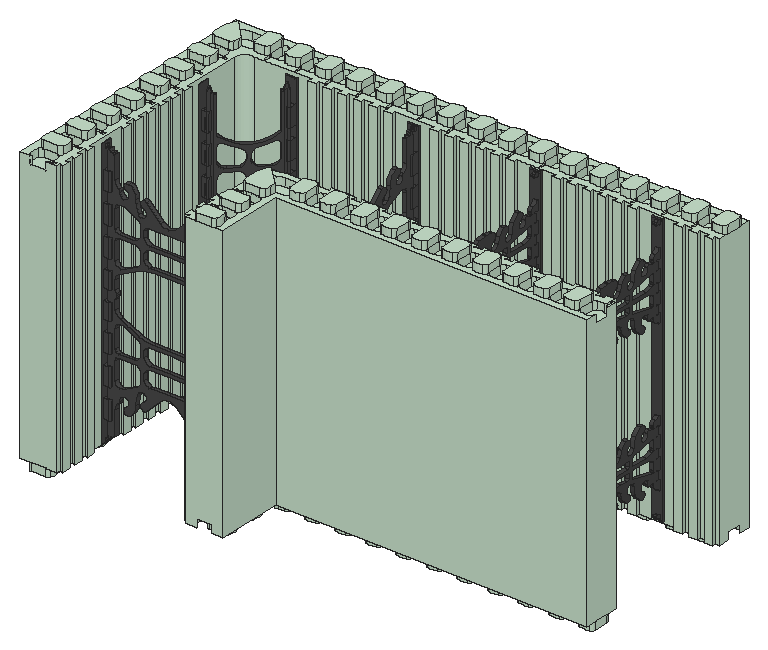
Revit family (continued)
Definition of nested family "NUDURA 8-inch Corner Insert Web"
  Forms (in)
    Extrusion 5, solid, material "Polypropylene"
      sketch origin (0, -1.8125, 0) x (1, 0, 0) y (0, 1, 0)
        loop
          line (0.125, 3.50401) -> (0.17406, 3.6875) -> (0.14171, 3.6875) -> (0.14171, 3.80849) -> (0.09265, 3.625) -> (0.125, 3.625) -> (0.125, 3.50401)
      from 0.26 to 16.80253
Definition of nested family "NUDURA Diamond Pattern"
  Reference planes (in)
    plane 1 "Center (Front/Back)": y = 0
    plane 2: z = 0
    plane 3 "Center (Left/Right)": x = 0
    plane 4: z = 18
  Lines and regions (in)
    model lines
      curve 1: line (8, -5.625, 18) -> (8, -5.625, 0)
      curve 2: line (6, -5.625, 18) -> (6, -5.625, 0)
      curve 3: line (2, -5.625, 18) -> (2, -5.625, 0)
      curve 4: line (3.35367, -5.625, 16.98484) -> (3.69709, -5.625, 16.64142)
      curve 5: arc (3.35367, -5.625, 17.51517) -> (3.24384, -5.625, 17.25) -> (3.35367, -5.625, 16.98484) r 0.375
      curve 6: line (3.72867, -5.625, 17.89017) -> (3.35367, -5.625, 17.51517)
      curve 7: arc (4.259, -5.625, 17.89017) -> (3.99384, -5.625, 18) -> (3.72867, -5.625, 17.89017) r 0.375
      curve 8: line (4.634, -5.625, 17.51517) -> (4.259, -5.625, 17.89017)
      curve 9: arc (4.634, -5.625, 16.98484) -> (4.74384, -5.625, 17.25) -> (4.634, -5.625, 17.51517) r 0.375
      curve 10: line (4.29059, -5.625, 16.64142) -> (4.634, -5.625, 16.98484)
      curve 11: arc (4.17062, -5.625, 17.80178) -> (3.99384, -5.625, 17.875) -> (3.81706, -5.625, 17.80178) r 0.25
      curve 12: line (4.54562, -5.625, 17.42678) -> (4.17062, -5.625, 17.80178)
      curve 13: arc (4.54562, -5.625, 17.07322) -> (4.61884, -5.625, 17.25) -> (4.54562, -5.625, 17.42678) r 0.25
      curve 14: line (4.17062, -5.625, 16.69822) -> (4.54562, -5.625, 17.07322)
      curve 15: arc (3.81706, -5.625, 16.69822) -> (3.99384, -5.625, 16.625) -> (4.17062, -5.625, 16.69822) r 0.25
      curve 16: line (3.44206, -5.625, 17.07322) -> (3.81706, -5.625, 16.69822)
      curve 17: arc (3.44206, -5.625, 17.42678) -> (3.36884, -5.625, 17.25) -> (3.44206, -5.625, 17.07322) r 0.25
      curve 18: line (3.81706, -5.625, 17.80178) -> (3.44206, -5.625, 17.42678)
      curve 19: arc (3.69709, -5.625, 16.35858) -> (3.75567, -5.625, 16.5) -> (3.69709, -5.625, 16.64142) r 0.2
      curve 20: line (4.634, -5.625, 16.01517) -> (4.29059, -5.625, 16.35858)
      curve 21: arc (4.634, -5.625, 15.48484) -> (4.74384, -5.625, 15.75) -> (4.634, -5.625, 16.01517) r 0.375
      curve 22: line (4.29059, -5.625, 15.14142) -> (4.634, -5.625, 15.48484)
      curve 23: line (3.35367, -5.625, 15.48484) -> (3.69709, -5.625, 15.14142)
      curve 24: arc (3.35367, -5.625, 16.01517) -> (3.24384, -5.625, 15.75) -> (3.35367, -5.625, 15.48484) r 0.375
      curve 25: line (3.69709, -5.625, 16.35858) -> (3.35367, -5.625, 16.01517)
      curve 26: arc (4.17062, -5.625, 16.30178) -> (3.99384, -5.625, 16.375) -> (3.81706, -5.625, 16.30178) r 0.25
      curve 27: line (3.81706, -5.625, 16.30178) -> (3.44206, -5.625, 15.92678)
      curve 28: arc (3.44206, -5.625, 15.92678) -> (3.36884, -5.625, 15.75) -> (3.44206, -5.625, 15.57322) r 0.25
      curve 29: line (3.44206, -5.625, 15.57322) -> (3.81706, -5.625, 15.19822)
      curve 30: arc (3.81706, -5.625, 15.19822) -> (3.99384, -5.625, 15.125) -> (4.17062, -5.625, 15.19822) r 0.25
      curve 31: line (4.17062, -5.625, 15.19822) -> (4.54562, -5.625, 15.57322)
      curve 32: arc (4.54562, -5.625, 15.57322) -> (4.61884, -5.625, 15.75) -> (4.54562, -5.625, 15.92678) r 0.25
      curve 33: line (4.54562, -5.625, 15.92678) -> (4.17062, -5.625, 16.30178)
      curve 34: arc (3.69709, -5.625, 14.85858) -> (3.75567, -5.625, 15) -> (3.69709, -5.625, 15.14142) r 0.2
      curve 35: line (4.634, -5.625, 14.51517) -> (4.29059, -5.625, 14.85858)
      curve 36: arc (4.634, -5.625, 13.98484) -> (4.74384, -5.625, 14.25) -> (4.634, -5.625, 14.51517) r 0.375
      curve 37: line (4.29059, -5.625, 13.64142) -> (4.634, -5.625, 13.98484)
      curve 38: line (3.35367, -5.625, 13.98484) -> (3.69709, -5.625, 13.64142)
      curve 39: arc (3.35367, -5.625, 14.51517) -> (3.24384, -5.625, 14.25) -> (3.35367, -5.625, 13.98484) r 0.375
      curve 40: line (3.69709, -5.625, 14.85858) -> (3.35367, -5.625, 14.51517)
      curve 41: arc (4.17062, -5.625, 14.80178) -> (3.99384, -5.625, 14.875) -> (3.81706, -5.625, 14.80178) r 0.25
      curve 42: line (3.81706, -5.625, 14.80178) -> (3.44206, -5.625, 14.42678)
      curve 43: arc (3.44206, -5.625, 14.42678) -> (3.36884, -5.625, 14.25) -> (3.44206, -5.625, 14.07322) r 0.25
      curve 44: line (3.44206, -5.625, 14.07322) -> (3.81706, -5.625, 13.69822)
      curve 45: arc (3.81706, -5.625, 13.69822) -> (3.99384, -5.625, 13.625) -> (4.17062, -5.625, 13.69822) r 0.25
      curve 46: line (4.17062, -5.625, 13.69822) -> (4.54562, -5.625, 14.07322)
      curve 47: arc (4.54562, -5.625, 14.07322) -> (4.61884, -5.625, 14.25) -> (4.54562, -5.625, 14.42678) r 0.25
      curve 48: line (4.54562, -5.625, 14.42678) -> (4.17062, -5.625, 14.80178)
      curve 49: arc (3.69709, -5.625, 13.35858) -> (3.75567, -5.625, 13.5) -> (3.69709, -5.625, 13.64142) r 0.2
      curve 50: line (4.634, -5.625, 13.01517) -> (4.29059, -5.625, 13.35858)
      curve 51: arc (4.634, -5.625, 12.48484) -> (4.74384, -5.625, 12.75) -> (4.634, -5.625, 13.01517) r 0.375
      curve 52: line (4.29059, -5.625, 12.14142) -> (4.634, -5.625, 12.48484)
      curve 53: line (3.35367, -5.625, 12.48484) -> (3.69709, -5.625, 12.14142)
      curve 54: arc (3.35367, -5.625, 13.01517) -> (3.24384, -5.625, 12.75) -> (3.35367, -5.625, 12.48484) r 0.375
      curve 55: line (3.69709, -5.625, 13.35858) -> (3.35367, -5.625, 13.01517)
      curve 56: arc (4.17062, -5.625, 13.30178) -> (3.99384, -5.625, 13.375) -> (3.81706, -5.625, 13.30178) r 0.25
      curve 57: line (3.81706, -5.625, 13.30178) -> (3.44206, -5.625, 12.92678)
      curve 58: arc (3.44206, -5.625, 12.92678) -> (3.36884, -5.625, 12.75) -> (3.44206, -5.625, 12.57322) r 0.25
      curve 59: line (3.44206, -5.625, 12.57322) -> (3.81706, -5.625, 12.19822)
      curve 60: arc (3.81706, -5.625, 12.19822) -> (3.99384, -5.625, 12.125) -> (4.17062, -5.625, 12.19822) r 0.25
      curve 61: line (4.17062, -5.625, 12.19822) -> (4.54562, -5.625, 12.57322)
      curve 62: arc (4.54562, -5.625, 12.57322) -> (4.61884, -5.625, 12.75) -> (4.54562, -5.625, 12.92678) r 0.25
      curve 63: line (4.54562, -5.625, 12.92678) -> (4.17062, -5.625, 13.30178)
      curve 64: arc (3.69709, -5.625, 11.85858) -> (3.75567, -5.625, 12) -> (3.69709, -5.625, 12.14142) r 0.2
      curve 65: line (4.634, -5.625, 11.51517) -> (4.29059, -5.625, 11.85858)
      curve 66: arc (4.634, -5.625, 10.98484) -> (4.74384, -5.625, 11.25) -> (4.634, -5.625, 11.51517) r 0.375
      curve 67: line (4.29059, -5.625, 10.64142) -> (4.634, -5.625, 10.98484)
      curve 68: line (3.35367, -5.625, 10.98484) -> (3.69709, -5.625, 10.64142)
      curve 69: arc (3.35367, -5.625, 11.51517) -> (3.24384, -5.625, 11.25) -> (3.35367, -5.625, 10.98484) r 0.375
      curve 70: line (3.69709, -5.625, 11.85858) -> (3.35367, -5.625, 11.51517)
      curve 71: arc (4.17062, -5.625, 11.80178) -> (3.99384, -5.625, 11.875) -> (3.81706, -5.625, 11.80178) r 0.25
      curve 72: line (3.81706, -5.625, 11.80178) -> (3.44206, -5.625, 11.42678)
      curve 73: arc (3.44206, -5.625, 11.42678) -> (3.36884, -5.625, 11.25) -> (3.44206, -5.625, 11.07322) r 0.25
      curve 74: line (3.44206, -5.625, 11.07322) -> (3.81706, -5.625, 10.69822)
      curve 75: arc (3.81706, -5.625, 10.69822) -> (3.99384, -5.625, 10.625) -> (4.17062, -5.625, 10.69822) r 0.25
      curve 76: line (4.17062, -5.625, 10.69822) -> (4.54562, -5.625, 11.07322)
      curve 77: arc (4.54562, -5.625, 11.07322) -> (4.61884, -5.625, 11.25) -> (4.54562, -5.625, 11.42678) r 0.25
      curve 78: line (4.54562, -5.625, 11.42678) -> (4.17062, -5.625, 11.80178)
      curve 79: arc (3.69709, -5.625, 10.35858) -> (3.75567, -5.625, 10.5) -> (3.69709, -5.625, 10.64142) r 0.2
      curve 80: line (4.634, -5.625, 10.01517) -> (4.29059, -5.625, 10.35858)
      curve 81: arc (4.634, -5.625, 9.48484) -> (4.74384, -5.625, 9.75) -> (4.634, -5.625, 10.01517) r 0.375
      curve 82: line (4.29059, -5.625, 9.14142) -> (4.634, -5.625, 9.48484)
      curve 83: line (3.35367, -5.625, 9.48484) -> (3.69709, -5.625, 9.14142)
      curve 84: arc (3.35367, -5.625, 10.01517) -> (3.24384, -5.625, 9.75) -> (3.35367, -5.625, 9.48484) r 0.375
      curve 85: line (3.69709, -5.625, 10.35858) -> (3.35367, -5.625, 10.01517)
      curve 86: arc (4.17062, -5.625, 10.30178) -> (3.99384, -5.625, 10.375) -> (3.81706, -5.625, 10.30178) r 0.25
      curve 87: line (3.81706, -5.625, 10.30178) -> (3.44206, -5.625, 9.92678)
      curve 88: arc (3.44206, -5.625, 9.92678) -> (3.36884, -5.625, 9.75) -> (3.44206, -5.625, 9.57322) r 0.25
      curve 89: line (3.44206, -5.625, 9.57322) -> (3.81706, -5.625, 9.19822)
      curve 90: arc (3.81706, -5.625, 9.19822) -> (3.99384, -5.625, 9.125) -> (4.17062, -5.625, 9.19822) r 0.25
      curve 91: line (4.17062, -5.625, 9.19822) -> (4.54562, -5.625, 9.57322)
      curve 92: arc (4.54562, -5.625, 9.57322) -> (4.61884, -5.625, 9.75) -> (4.54562, -5.625, 9.92678) r 0.25
      curve 93: line (4.54562, -5.625, 9.92678) -> (4.17062, -5.625, 10.30178)
      curve 94: arc (3.69709, -5.625, 8.85858) -> (3.75567, -5.625, 9) -> (3.69709, -5.625, 9.14142) r 0.2
      curve 95: line (4.634, -5.625, 8.51517) -> (4.29059, -5.625, 8.85858)
      curve 96: arc (4.634, -5.625, 7.98484) -> (4.74384, -5.625, 8.25) -> (4.634, -5.625, 8.51517) r 0.375
      curve 97: line (4.29059, -5.625, 7.64142) -> (4.634, -5.625, 7.98484)
      curve 98: line (3.35367, -5.625, 7.98484) -> (3.69709, -5.625, 7.64142)
      curve 99: arc (3.35367, -5.625, 8.51517) -> (3.24384, -5.625, 8.25) -> (3.35367, -5.625, 7.98484) r 0.375
      curve 100: line (3.69709, -5.625, 8.85858) -> (3.35367, -5.625, 8.51517)
      curve 101: arc (4.17062, -5.625, 8.80178) -> (3.99384, -5.625, 8.875) -> (3.81706, -5.625, 8.80178) r 0.25
      curve 102: line (3.81706, -5.625, 8.80178) -> (3.44206, -5.625, 8.42678)
      curve 103: arc (3.44206, -5.625, 8.42678) -> (3.36884, -5.625, 8.25) -> (3.44206, -5.625, 8.07322) r 0.25
      curve 104: line (3.44206, -5.625, 8.07322) -> (3.81706, -5.625, 7.69822)
      curve 105: arc (3.81706, -5.625, 7.69822) -> (3.99384, -5.625, 7.625) -> (4.17062, -5.625, 7.69822) r 0.25
      curve 106: line (4.17062, -5.625, 7.69822) -> (4.54562, -5.625, 8.07322)
      curve 107: arc (4.54562, -5.625, 8.07322) -> (4.61884, -5.625, 8.25) -> (4.54562, -5.625, 8.42678) r 0.25
      curve 108: line (4.54562, -5.625, 8.42678) -> (4.17062, -5.625, 8.80178)
      curve 109: arc (3.69709, -5.625, 7.35858) -> (3.75567, -5.625, 7.5) -> (3.69709, -5.625, 7.64142) r 0.2
      curve 110: line (4.634, -5.625, 7.01517) -> (4.29059, -5.625, 7.35858)
      curve 111: arc (4.634, -5.625, 6.48484) -> (4.74384, -5.625, 6.75) -> (4.634, -5.625, 7.01517) r 0.375
      curve 112: line (4.29059, -5.625, 6.14142) -> (4.634, -5.625, 6.48484)
      curve 113: line (3.35367, -5.625, 6.48484) -> (3.69709, -5.625, 6.14142)
      curve 114: arc (3.35367, -5.625, 7.01517) -> (3.24384, -5.625, 6.75) -> (3.35367, -5.625, 6.48484) r 0.375
      curve 115: line (3.69709, -5.625, 7.35858) -> (3.35367, -5.625, 7.01517)
      curve 116: arc (4.17062, -5.625, 7.30178) -> (3.99384, -5.625, 7.375) -> (3.81706, -5.625, 7.30178) r 0.25
      curve 117: line (3.81706, -5.625, 7.30178) -> (3.44206, -5.625, 6.92678)
      curve 118: arc (3.44206, -5.625, 6.92678) -> (3.36884, -5.625, 6.75) -> (3.44206, -5.625, 6.57322) r 0.25
      curve 119: line (3.44206, -5.625, 6.57322) -> (3.81706, -5.625, 6.19822)
      curve 120: arc (3.81706, -5.625, 6.19822) -> (3.99384, -5.625, 6.125) -> (4.17062, -5.625, 6.19822) r 0.25
      curve 121: line (4.17062, -5.625, 6.19822) -> (4.54562, -5.625, 6.57322)
      curve 122: arc (4.54562, -5.625, 6.57322) -> (4.61884, -5.625, 6.75) -> (4.54562, -5.625, 6.92678) r 0.25
      curve 123: line (4.54562, -5.625, 6.92678) -> (4.17062, -5.625, 7.30178)
      curve 124: arc (3.69709, -5.625, 5.85858) -> (3.75567, -5.625, 6) -> (3.69709, -5.625, 6.14142) r 0.2
      curve 125: line (4.634, -5.625, 5.51517) -> (4.29059, -5.625, 5.85858)
      curve 126: arc (4.634, -5.625, 4.98484) -> (4.74384, -5.625, 5.25) -> (4.634, -5.625, 5.51517) r 0.375
      curve 127: line (4.29059, -5.625, 4.64142) -> (4.634, -5.625, 4.98484)
      curve 128: line (3.35367, -5.625, 4.98484) -> (3.69709, -5.625, 4.64142)
      curve 129: arc (3.35367, -5.625, 5.51517) -> (3.24384, -5.625, 5.25) -> (3.35367, -5.625, 4.98484) r 0.375
      curve 130: line (3.69709, -5.625, 5.85858) -> (3.35367, -5.625, 5.51517)
      curve 131: arc (4.17062, -5.625, 5.80178) -> (3.99384, -5.625, 5.875) -> (3.81706, -5.625, 5.80178) r 0.25
      curve 132: line (3.81706, -5.625, 5.80178) -> (3.44206, -5.625, 5.42678)
      curve 133: arc (3.44206, -5.625, 5.42678) -> (3.36884, -5.625, 5.25) -> (3.44206, -5.625, 5.07322) r 0.25
      curve 134: line (3.44206, -5.625, 5.07322) -> (3.81706, -5.625, 4.69822)
      curve 135: arc (3.81706, -5.625, 4.69822) -> (3.99384, -5.625, 4.625) -> (4.17062, -5.625, 4.69822) r 0.25
      curve 136: line (4.17062, -5.625, 4.69822) -> (4.54562, -5.625, 5.07322)
      curve 137: arc (4.54562, -5.625, 5.07322) -> (4.61884, -5.625, 5.25) -> (4.54562, -5.625, 5.42678) r 0.25
      curve 138: line (4.54562, -5.625, 5.42678) -> (4.17062, -5.625, 5.80178)
      curve 139: arc (3.69709, -5.625, 4.35858) -> (3.75567, -5.625, 4.5) -> (3.69709, -5.625, 4.64142) r 0.2
      curve 140: line (4.634, -5.625, 4.01517) -> (4.29059, -5.625, 4.35858)
      curve 141: arc (4.634, -5.625, 3.48484) -> (4.74384, -5.625, 3.75) -> (4.634, -5.625, 4.01517) r 0.375
      curve 142: line (4.29059, -5.625, 3.14142) -> (4.634, -5.625, 3.48484)
      curve 143: line (3.35367, -5.625, 3.48484) -> (3.69709, -5.625, 3.14142)
      curve 144: arc (3.35367, -5.625, 4.01517) -> (3.24384, -5.625, 3.75) -> (3.35367, -5.625, 3.48484) r 0.375
      curve 145: line (3.69709, -5.625, 4.35858) -> (3.35367, -5.625, 4.01517)
      curve 146: arc (4.17062, -5.625, 4.30178) -> (3.99384, -5.625, 4.375) -> (3.81706, -5.625, 4.30178) r 0.25
      curve 147: line (3.81706, -5.625, 4.30178) -> (3.44206, -5.625, 3.92678)
      curve 148: arc (3.44206, -5.625, 3.92678) -> (3.36884, -5.625, 3.75) -> (3.44206, -5.625, 3.57322) r 0.25
      curve 149: line (3.44206, -5.625, 3.57322) -> (3.81706, -5.625, 3.19822)
      curve 150: arc (3.81706, -5.625, 3.19822) -> (3.99384, -5.625, 3.125) -> (4.17062, -5.625, 3.19822) r 0.25
      curve 151: line (4.17062, -5.625, 3.19822) -> (4.54562, -5.625, 3.57322)
      curve 152: arc (4.54562, -5.625, 3.57322) -> (4.61884, -5.625, 3.75) -> (4.54562, -5.625, 3.92678) r 0.25
      curve 153: line (4.54562, -5.625, 3.92678) -> (4.17062, -5.625, 4.30178)
      curve 154: arc (3.69709, -5.625, 2.85858) -> (3.75567, -5.625, 3) -> (3.69709, -5.625, 3.14142) r 0.2
      curve 155: line (4.634, -5.625, 2.51517) -> (4.29059, -5.625, 2.85858)
      curve 156: arc (4.634, -5.625, 1.98484) -> (4.74384, -5.625, 2.25) -> (4.634, -5.625, 2.51517) r 0.375
      curve 157: line (4.29059, -5.625, 1.64142) -> (4.634, -5.625, 1.98484)
      curve 158: line (3.35367, -5.625, 1.98484) -> (3.69709, -5.625, 1.64142)
      curve 159: arc (3.35367, -5.625, 2.51517) -> (3.24384, -5.625, 2.25) -> (3.35367, -5.625, 1.98484) r 0.375
      curve 160: line (3.69709, -5.625, 2.85858) -> (3.35367, -5.625, 2.51517)
      curve 161: arc (4.17062, -5.625, 2.80178) -> (3.99384, -5.625, 2.875) -> (3.81706, -5.625, 2.80178) r 0.25
      curve 162: line (3.81706, -5.625, 2.80178) -> (3.44206, -5.625, 2.42678)
      curve 163: arc (3.44206, -5.625, 2.42678) -> (3.36884, -5.625, 2.25) -> (3.44206, -5.625, 2.07322) r 0.25
      curve 164: line (3.44206, -5.625, 2.07322) -> (3.81706, -5.625, 1.69822)
      curve 165: arc (3.81706, -5.625, 1.69822) -> (3.99384, -5.625, 1.625) -> (4.17062, -5.625, 1.69822) r 0.25
      curve 166: line (4.17062, -5.625, 1.69822) -> (4.54562, -5.625, 2.07322)
      curve 167: arc (4.54562, -5.625, 2.07322) -> (4.61884, -5.625, 2.25) -> (4.54562, -5.625, 2.42678) r 0.25
      curve 168: line (4.54562, -5.625, 2.42678) -> (4.17062, -5.625, 2.80178)
      curve 169: arc (3.69709, -5.625, 1.35858) -> (3.75567, -5.625, 1.5) -> (3.69709, -5.625, 1.64142) r 0.2
      curve 170: line (3.69709, -5.625, 1.35858) -> (3.35367, -5.625, 1.01517)
      curve 171: arc (3.35367, -5.625, 1.01517) -> (3.24384, -5.625, 0.75) -> (3.35367, -5.625, 0.48484) r 0.375
      curve 172: line (3.35367, -5.625, 0.48484) -> (3.72867, -5.625, 0.10984)
      curve 173: arc (3.72867, -5.625, 0.10984) -> (3.99384, -5.625, 0) -> (4.259, -5.625, 0.10984) r 0.375
      curve 174: line (4.259, -5.625, 0.10984) -> (4.634, -5.625, 0.48484)
      curve 175: arc (4.634, -5.625, 0.48484) -> (4.74384, -5.625, 0.75) -> (4.634, -5.625, 1.01517) r 0.375
      curve 176: line (4.634, -5.625, 1.01517) -> (4.29059, -5.625, 1.35858)
      curve 177: arc (4.29059, -5.625, 1.64142) -> (4.23201, -5.625, 1.5) -> (4.29059, -5.625, 1.35858) r 0.2
      curve 178: arc (4.17062, -5.625, 1.30178) -> (3.99384, -5.625, 1.375) -> (3.81706, -5.625, 1.30178) r 0.25
      curve 179: line (4.54562, -5.625, 0.92678) -> (4.17062, -5.625, 1.30178)
      curve 180: arc (4.54562, -5.625, 0.57322) -> (4.61884, -5.625, 0.75) -> (4.54562, -5.625, 0.92678) r 0.25
      curve 181: line (4.17062, -5.625, 0.19822) -> (4.54562, -5.625, 0.57322)
      curve 182: arc (3.81706, -5.625, 0.19822) -> (3.99384, -5.625, 0.125) -> (4.17062, -5.625, 0.19822) r 0.25
      curve 183: line (3.44206, -5.625, 0.57322) -> (3.81706, -5.625, 0.19822)
      curve 184: arc (3.44206, -5.625, 0.92678) -> (3.36884, -5.625, 0.75) -> (3.44206, -5.625, 0.57322) r 0.25
      curve 185: line (3.81706, -5.625, 1.30178) -> (3.44206, -5.625, 0.92678)
      curve 186: arc (4.29059, -5.625, 3.14142) -> (4.23201, -5.625, 3) -> (4.29059, -5.625, 2.85858) r 0.2
      curve 187: arc (4.29059, -5.625, 4.64142) -> (4.23201, -5.625, 4.5) -> (4.29059, -5.625, 4.35858) r 0.2
      curve 188: arc (4.29059, -5.625, 6.14142) -> (4.23201, -5.625, 6) -> (4.29059, -5.625, 5.85858) r 0.2
      curve 189: arc (4.29059, -5.625, 7.64142) -> (4.23201, -5.625, 7.5) -> (4.29059, -5.625, 7.35858) r 0.2
      curve 190: arc (4.29059, -5.625, 9.14142) -> (4.23201, -5.625, 9) -> (4.29059, -5.625, 8.85858) r 0.2
      curve 191: arc (4.29059, -5.625, 10.64142) -> (4.23201, -5.625, 10.5) -> (4.29059, -5.625, 10.35858) r 0.2
      curve 192: arc (4.29059, -5.625, 12.14142) -> (4.23201, -5.625, 12) -> (4.29059, -5.625, 11.85858) r 0.2
      curve 193: arc (4.29059, -5.625, 13.64142) -> (4.23201, -5.625, 13.5) -> (4.29059, -5.625, 13.35858) r 0.2
      curve 194: arc (4.29059, -5.625, 15.14142) -> (4.23201, -5.625, 15) -> (4.29059, -5.625, 14.85858) r 0.2
      curve 195: arc (4.29059, -5.625, 16.64142) -> (4.23201, -5.625, 16.5) -> (4.29059, -5.625, 16.35858) r 0.2
Definition of nested family "NUDURA Diamond Pattern Missing Two lines"
  Reference planes (in)
    plane 1 "Center (Front/Back)": y = 0
    plane 2: z = 0
    plane 3 "Center (Left/Right)": x = 0
    plane 4: z = 18
  Lines and regions (in)
    model lines
      curve 1: line (2, -5.625, 18) -> (2, -5.625, 0)
      curve 2: line (3.35367, -5.625, 16.98484) -> (3.69709, -5.625, 16.64142)
      curve 3: arc (3.35367, -5.625, 17.51517) -> (3.24384, -5.625, 17.25) -> (3.35367, -5.625, 16.98484) r 0.375
      curve 4: line (3.72867, -5.625, 17.89017) -> (3.35367, -5.625, 17.51517)
      curve 5: arc (4.259, -5.625, 17.89017) -> (3.99384, -5.625, 18) -> (3.72867, -5.625, 17.89017) r 0.375
      curve 6: line (4.634, -5.625, 17.51517) -> (4.259, -5.625, 17.89017)
      curve 7: arc (4.634, -5.625, 16.98484) -> (4.74384, -5.625, 17.25) -> (4.634, -5.625, 17.51517) r 0.375
      curve 8: line (4.29059, -5.625, 16.64142) -> (4.634, -5.625, 16.98484)
      curve 9: arc (4.17062, -5.625, 17.80178) -> (3.99384, -5.625, 17.875) -> (3.81706, -5.625, 17.80178) r 0.25
      curve 10: line (4.54562, -5.625, 17.42678) -> (4.17062, -5.625, 17.80178)
      curve 11: arc (4.54562, -5.625, 17.07322) -> (4.61884, -5.625, 17.25) -> (4.54562, -5.625, 17.42678) r 0.25
      curve 12: line (4.17062, -5.625, 16.69822) -> (4.54562, -5.625, 17.07322)
      curve 13: arc (3.81706, -5.625, 16.69822) -> (3.99384, -5.625, 16.625) -> (4.17062, -5.625, 16.69822) r 0.25
      curve 14: line (3.44206, -5.625, 17.07322) -> (3.81706, -5.625, 16.69822)
      curve 15: arc (3.44206, -5.625, 17.42678) -> (3.36884, -5.625, 17.25) -> (3.44206, -5.625, 17.07322) r 0.25
      curve 16: line (3.81706, -5.625, 17.80178) -> (3.44206, -5.625, 17.42678)
      curve 17: arc (3.69709, -5.625, 16.35858) -> (3.75567, -5.625, 16.5) -> (3.69709, -5.625, 16.64142) r 0.2
      curve 18: line (4.634, -5.625, 16.01517) -> (4.29059, -5.625, 16.35858)
      curve 19: arc (4.634, -5.625, 15.48484) -> (4.74384, -5.625, 15.75) -> (4.634, -5.625, 16.01517) r 0.375
      curve 20: line (4.29059, -5.625, 15.14142) -> (4.634, -5.625, 15.48484)
      curve 21: line (3.35367, -5.625, 15.48484) -> (3.69709, -5.625, 15.14142)
      curve 22: arc (3.35367, -5.625, 16.01517) -> (3.24384, -5.625, 15.75) -> (3.35367, -5.625, 15.48484) r 0.375
      curve 23: line (3.69709, -5.625, 16.35858) -> (3.35367, -5.625, 16.01517)
      curve 24: arc (4.17062, -5.625, 16.30178) -> (3.99384, -5.625, 16.375) -> (3.81706, -5.625, 16.30178) r 0.25
      curve 25: line (3.81706, -5.625, 16.30178) -> (3.44206, -5.625, 15.92678)
      curve 26: arc (3.44206, -5.625, 15.92678) -> (3.36884, -5.625, 15.75) -> (3.44206, -5.625, 15.57322) r 0.25
      curve 27: line (3.44206, -5.625, 15.57322) -> (3.81706, -5.625, 15.19822)
      curve 28: arc (3.81706, -5.625, 15.19822) -> (3.99384, -5.625, 15.125) -> (4.17062, -5.625, 15.19822) r 0.25
      curve 29: line (4.17062, -5.625, 15.19822) -> (4.54562, -5.625, 15.57322)
      curve 30: arc (4.54562, -5.625, 15.57322) -> (4.61884, -5.625, 15.75) -> (4.54562, -5.625, 15.92678) r 0.25
      curve 31: line (4.54562, -5.625, 15.92678) -> (4.17062, -5.625, 16.30178)
      curve 32: arc (3.69709, -5.625, 14.85858) -> (3.75567, -5.625, 15) -> (3.69709, -5.625, 15.14142) r 0.2
      curve 33: line (4.634, -5.625, 14.51517) -> (4.29059, -5.625, 14.85858)
      curve 34: arc (4.634, -5.625, 13.98484) -> (4.74384, -5.625, 14.25) -> (4.634, -5.625, 14.51517) r 0.375
      curve 35: line (4.29059, -5.625, 13.64142) -> (4.634, -5.625, 13.98484)
      curve 36: line (3.35367, -5.625, 13.98484) -> (3.69709, -5.625, 13.64142)
      curve 37: arc (3.35367, -5.625, 14.51517) -> (3.24384, -5.625, 14.25) -> (3.35367, -5.625, 13.98484) r 0.375
      curve 38: line (3.69709, -5.625, 14.85858) -> (3.35367, -5.625, 14.51517)
      curve 39: arc (4.17062, -5.625, 14.80178) -> (3.99384, -5.625, 14.875) -> (3.81706, -5.625, 14.80178) r 0.25
      curve 40: line (3.81706, -5.625, 14.80178) -> (3.44206, -5.625, 14.42678)
      curve 41: arc (3.44206, -5.625, 14.42678) -> (3.36884, -5.625, 14.25) -> (3.44206, -5.625, 14.07322) r 0.25
      curve 42: line (3.44206, -5.625, 14.07322) -> (3.81706, -5.625, 13.69822)
      curve 43: arc (3.81706, -5.625, 13.69822) -> (3.99384, -5.625, 13.625) -> (4.17062, -5.625, 13.69822) r 0.25
      curve 44: line (4.17062, -5.625, 13.69822) -> (4.54562, -5.625, 14.07322)
      curve 45: arc (4.54562, -5.625, 14.07322) -> (4.61884, -5.625, 14.25) -> (4.54562, -5.625, 14.42678) r 0.25
      curve 46: line (4.54562, -5.625, 14.42678) -> (4.17062, -5.625, 14.80178)
      curve 47: arc (3.69709, -5.625, 13.35858) -> (3.75567, -5.625, 13.5) -> (3.69709, -5.625, 13.64142) r 0.2
      curve 48: line (4.634, -5.625, 13.01517) -> (4.29059, -5.625, 13.35858)
      curve 49: arc (4.634, -5.625, 12.48484) -> (4.74384, -5.625, 12.75) -> (4.634, -5.625, 13.01517) r 0.375
      curve 50: line (4.29059, -5.625, 12.14142) -> (4.634, -5.625, 12.48484)
      curve 51: line (3.35367, -5.625, 12.48484) -> (3.69709, -5.625, 12.14142)
      curve 52: arc (3.35367, -5.625, 13.01517) -> (3.24384, -5.625, 12.75) -> (3.35367, -5.625, 12.48484) r 0.375
      curve 53: line (3.69709, -5.625, 13.35858) -> (3.35367, -5.625, 13.01517)
      curve 54: arc (4.17062, -5.625, 13.30178) -> (3.99384, -5.625, 13.375) -> (3.81706, -5.625, 13.30178) r 0.25
      curve 55: line (3.81706, -5.625, 13.30178) -> (3.44206, -5.625, 12.92678)
      curve 56: arc (3.44206, -5.625, 12.92678) -> (3.36884, -5.625, 12.75) -> (3.44206, -5.625, 12.57322) r 0.25
      curve 57: line (3.44206, -5.625, 12.57322) -> (3.81706, -5.625, 12.19822)
      curve 58: arc (3.81706, -5.625, 12.19822) -> (3.99384, -5.625, 12.125) -> (4.17062, -5.625, 12.19822) r 0.25
      curve 59: line (4.17062, -5.625, 12.19822) -> (4.54562, -5.625, 12.57322)
      curve 60: arc (4.54562, -5.625, 12.57322) -> (4.61884, -5.625, 12.75) -> (4.54562, -5.625, 12.92678) r 0.25
      curve 61: line (4.54562, -5.625, 12.92678) -> (4.17062, -5.625, 13.30178)
      curve 62: arc (3.69709, -5.625, 11.85858) -> (3.75567, -5.625, 12) -> (3.69709, -5.625, 12.14142) r 0.2
      curve 63: line (4.634, -5.625, 11.51517) -> (4.29059, -5.625, 11.85858)
      curve 64: arc (4.634, -5.625, 10.98484) -> (4.74384, -5.625, 11.25) -> (4.634, -5.625, 11.51517) r 0.375
      curve 65: line (4.29059, -5.625, 10.64142) -> (4.634, -5.625, 10.98484)
      curve 66: line (3.35367, -5.625, 10.98484) -> (3.69709, -5.625, 10.64142)
      curve 67: arc (3.35367, -5.625, 11.51517) -> (3.24384, -5.625, 11.25) -> (3.35367, -5.625, 10.98484) r 0.375
      curve 68: line (3.69709, -5.625, 11.85858) -> (3.35367, -5.625, 11.51517)
      curve 69: arc (4.17062, -5.625, 11.80178) -> (3.99384, -5.625, 11.875) -> (3.81706, -5.625, 11.80178) r 0.25
      curve 70: line (3.81706, -5.625, 11.80178) -> (3.44206, -5.625, 11.42678)
      curve 71: arc (3.44206, -5.625, 11.42678) -> (3.36884, -5.625, 11.25) -> (3.44206, -5.625, 11.07322) r 0.25
      curve 72: line (3.44206, -5.625, 11.07322) -> (3.81706, -5.625, 10.69822)
      curve 73: arc (3.81706, -5.625, 10.69822) -> (3.99384, -5.625, 10.625) -> (4.17062, -5.625, 10.69822) r 0.25
      curve 74: line (4.17062, -5.625, 10.69822) -> (4.54562, -5.625, 11.07322)
      curve 75: arc (4.54562, -5.625, 11.07322) -> (4.61884, -5.625, 11.25) -> (4.54562, -5.625, 11.42678) r 0.25
      curve 76: line (4.54562, -5.625, 11.42678) -> (4.17062, -5.625, 11.80178)
      curve 77: arc (3.69709, -5.625, 10.35858) -> (3.75567, -5.625, 10.5) -> (3.69709, -5.625, 10.64142) r 0.2
      curve 78: line (4.634, -5.625, 10.01517) -> (4.29059, -5.625, 10.35858)
      curve 79: arc (4.634, -5.625, 9.48484) -> (4.74384, -5.625, 9.75) -> (4.634, -5.625, 10.01517) r 0.375
      curve 80: line (4.29059, -5.625, 9.14142) -> (4.634, -5.625, 9.48484)
      curve 81: line (3.35367, -5.625, 9.48484) -> (3.69709, -5.625, 9.14142)
      curve 82: arc (3.35367, -5.625, 10.01517) -> (3.24384, -5.625, 9.75) -> (3.35367, -5.625, 9.48484) r 0.375
      curve 83: line (3.69709, -5.625, 10.35858) -> (3.35367, -5.625, 10.01517)
      curve 84: arc (4.17062, -5.625, 10.30178) -> (3.99384, -5.625, 10.375) -> (3.81706, -5.625, 10.30178) r 0.25
      curve 85: line (3.81706, -5.625, 10.30178) -> (3.44206, -5.625, 9.92678)
      curve 86: arc (3.44206, -5.625, 9.92678) -> (3.36884, -5.625, 9.75) -> (3.44206, -5.625, 9.57322) r 0.25
      curve 87: line (3.44206, -5.625, 9.57322) -> (3.81706, -5.625, 9.19822)
      curve 88: arc (3.81706, -5.625, 9.19822) -> (3.99384, -5.625, 9.125) -> (4.17062, -5.625, 9.19822) r 0.25
      curve 89: line (4.17062, -5.625, 9.19822) -> (4.54562, -5.625, 9.57322)
      curve 90: arc (4.54562, -5.625, 9.57322) -> (4.61884, -5.625, 9.75) -> (4.54562, -5.625, 9.92678) r 0.25
      curve 91: line (4.54562, -5.625, 9.92678) -> (4.17062, -5.625, 10.30178)
      curve 92: arc (3.69709, -5.625, 8.85858) -> (3.75567, -5.625, 9) -> (3.69709, -5.625, 9.14142) r 0.2
      curve 93: line (4.634, -5.625, 8.51517) -> (4.29059, -5.625, 8.85858)
      curve 94: arc (4.634, -5.625, 7.98484) -> (4.74384, -5.625, 8.25) -> (4.634, -5.625, 8.51517) r 0.375
      curve 95: line (4.29059, -5.625, 7.64142) -> (4.634, -5.625, 7.98484)
      curve 96: line (3.35367, -5.625, 7.98484) -> (3.69709, -5.625, 7.64142)
      curve 97: arc (3.35367, -5.625, 8.51517) -> (3.24384, -5.625, 8.25) -> (3.35367, -5.625, 7.98484) r 0.375
      curve 98: line (3.69709, -5.625, 8.85858) -> (3.35367, -5.625, 8.51517)
      curve 99: arc (4.17062, -5.625, 8.80178) -> (3.99384, -5.625, 8.875) -> (3.81706, -5.625, 8.80178) r 0.25
      curve 100: line (3.81706, -5.625, 8.80178) -> (3.44206, -5.625, 8.42678)
      curve 101: arc (3.44206, -5.625, 8.42678) -> (3.36884, -5.625, 8.25) -> (3.44206, -5.625, 8.07322) r 0.25
      curve 102: line (3.44206, -5.625, 8.07322) -> (3.81706, -5.625, 7.69822)
      curve 103: arc (3.81706, -5.625, 7.69822) -> (3.99384, -5.625, 7.625) -> (4.17062, -5.625, 7.69822) r 0.25
      curve 104: line (4.17062, -5.625, 7.69822) -> (4.54562, -5.625, 8.07322)
      curve 105: arc (4.54562, -5.625, 8.07322) -> (4.61884, -5.625, 8.25) -> (4.54562, -5.625, 8.42678) r 0.25
      curve 106: line (4.54562, -5.625, 8.42678) -> (4.17062, -5.625, 8.80178)
      curve 107: arc (3.69709, -5.625, 7.35858) -> (3.75567, -5.625, 7.5) -> (3.69709, -5.625, 7.64142) r 0.2
      curve 108: line (4.634, -5.625, 7.01517) -> (4.29059, -5.625, 7.35858)
      curve 109: arc (4.634, -5.625, 6.48484) -> (4.74384, -5.625, 6.75) -> (4.634, -5.625, 7.01517) r 0.375
      curve 110: line (4.29059, -5.625, 6.14142) -> (4.634, -5.625, 6.48484)
      curve 111: line (3.35367, -5.625, 6.48484) -> (3.69709, -5.625, 6.14142)
      curve 112: arc (3.35367, -5.625, 7.01517) -> (3.24384, -5.625, 6.75) -> (3.35367, -5.625, 6.48484) r 0.375
      curve 113: line (3.69709, -5.625, 7.35858) -> (3.35367, -5.625, 7.01517)
      curve 114: arc (4.17062, -5.625, 7.30178) -> (3.99384, -5.625, 7.375) -> (3.81706, -5.625, 7.30178) r 0.25
      curve 115: line (3.81706, -5.625, 7.30178) -> (3.44206, -5.625, 6.92678)
      curve 116: arc (3.44206, -5.625, 6.92678) -> (3.36884, -5.625, 6.75) -> (3.44206, -5.625, 6.57322) r 0.25
      curve 117: line (3.44206, -5.625, 6.57322) -> (3.81706, -5.625, 6.19822)
      curve 118: arc (3.81706, -5.625, 6.19822) -> (3.99384, -5.625, 6.125) -> (4.17062, -5.625, 6.19822) r 0.25
      curve 119: line (4.17062, -5.625, 6.19822) -> (4.54562, -5.625, 6.57322)
      curve 120: arc (4.54562, -5.625, 6.57322) -> (4.61884, -5.625, 6.75) -> (4.54562, -5.625, 6.92678) r 0.25
      curve 121: line (4.54562, -5.625, 6.92678) -> (4.17062, -5.625, 7.30178)
      curve 122: arc (3.69709, -5.625, 5.85858) -> (3.75567, -5.625, 6) -> (3.69709, -5.625, 6.14142) r 0.2
      curve 123: line (4.634, -5.625, 5.51517) -> (4.29059, -5.625, 5.85858)
      curve 124: arc (4.634, -5.625, 4.98484) -> (4.74384, -5.625, 5.25) -> (4.634, -5.625, 5.51517) r 0.375
      curve 125: line (4.29059, -5.625, 4.64142) -> (4.634, -5.625, 4.98484)
      curve 126: line (3.35367, -5.625, 4.98484) -> (3.69709, -5.625, 4.64142)
      curve 127: arc (3.35367, -5.625, 5.51517) -> (3.24384, -5.625, 5.25) -> (3.35367, -5.625, 4.98484) r 0.375
      curve 128: line (3.69709, -5.625, 5.85858) -> (3.35367, -5.625, 5.51517)
      curve 129: arc (4.17062, -5.625, 5.80178) -> (3.99384, -5.625, 5.875) -> (3.81706, -5.625, 5.80178) r 0.25
      curve 130: line (3.81706, -5.625, 5.80178) -> (3.44206, -5.625, 5.42678)
      curve 131: arc (3.44206, -5.625, 5.42678) -> (3.36884, -5.625, 5.25) -> (3.44206, -5.625, 5.07322) r 0.25
      curve 132: line (3.44206, -5.625, 5.07322) -> (3.81706, -5.625, 4.69822)
      curve 133: arc (3.81706, -5.625, 4.69822) -> (3.99384, -5.625, 4.625) -> (4.17062, -5.625, 4.69822) r 0.25
      curve 134: line (4.17062, -5.625, 4.69822) -> (4.54562, -5.625, 5.07322)
      curve 135: arc (4.54562, -5.625, 5.07322) -> (4.61884, -5.625, 5.25) -> (4.54562, -5.625, 5.42678) r 0.25
      curve 136: line (4.54562, -5.625, 5.42678) -> (4.17062, -5.625, 5.80178)
      curve 137: arc (3.69709, -5.625, 4.35858) -> (3.75567, -5.625, 4.5) -> (3.69709, -5.625, 4.64142) r 0.2
      curve 138: line (4.634, -5.625, 4.01517) -> (4.29059, -5.625, 4.35858)
      curve 139: arc (4.634, -5.625, 3.48484) -> (4.74384, -5.625, 3.75) -> (4.634, -5.625, 4.01517) r 0.375
      curve 140: line (4.29059, -5.625, 3.14142) -> (4.634, -5.625, 3.48484)
      curve 141: line (3.35367, -5.625, 3.48484) -> (3.69709, -5.625, 3.14142)
      curve 142: arc (3.35367, -5.625, 4.01517) -> (3.24384, -5.625, 3.75) -> (3.35367, -5.625, 3.48484) r 0.375
      curve 143: line (3.69709, -5.625, 4.35858) -> (3.35367, -5.625, 4.01517)
      curve 144: arc (4.17062, -5.625, 4.30178) -> (3.99384, -5.625, 4.375) -> (3.81706, -5.625, 4.30178) r 0.25
      curve 145: line (3.81706, -5.625, 4.30178) -> (3.44206, -5.625, 3.92678)
      curve 146: arc (3.44206, -5.625, 3.92678) -> (3.36884, -5.625, 3.75) -> (3.44206, -5.625, 3.57322) r 0.25
      curve 147: line (3.44206, -5.625, 3.57322) -> (3.81706, -5.625, 3.19822)
      curve 148: arc (3.81706, -5.625, 3.19822) -> (3.99384, -5.625, 3.125) -> (4.17062, -5.625, 3.19822) r 0.25
      curve 149: line (4.17062, -5.625, 3.19822) -> (4.54562, -5.625, 3.57322)
      curve 150: arc (4.54562, -5.625, 3.57322) -> (4.61884, -5.625, 3.75) -> (4.54562, -5.625, 3.92678) r 0.25
      curve 151: line (4.54562, -5.625, 3.92678) -> (4.17062, -5.625, 4.30178)
      curve 152: arc (3.69709, -5.625, 2.85858) -> (3.75567, -5.625, 3) -> (3.69709, -5.625, 3.14142) r 0.2
      curve 153: line (4.634, -5.625, 2.51517) -> (4.29059, -5.625, 2.85858)
      curve 154: arc (4.634, -5.625, 1.98484) -> (4.74384, -5.625, 2.25) -> (4.634, -5.625, 2.51517) r 0.375
      curve 155: line (4.29059, -5.625, 1.64142) -> (4.634, -5.625, 1.98484)
      curve 156: line (3.35367, -5.625, 1.98484) -> (3.69709, -5.625, 1.64142)
      curve 157: arc (3.35367, -5.625, 2.51517) -> (3.24384, -5.625, 2.25) -> (3.35367, -5.625, 1.98484) r 0.375
      curve 158: line (3.69709, -5.625, 2.85858) -> (3.35367, -5.625, 2.51517)
      curve 159: arc (4.17062, -5.625, 2.80178) -> (3.99384, -5.625, 2.875) -> (3.81706, -5.625, 2.80178) r 0.25
      curve 160: line (3.81706, -5.625, 2.80178) -> (3.44206, -5.625, 2.42678)
      curve 161: arc (3.44206, -5.625, 2.42678) -> (3.36884, -5.625, 2.25) -> (3.44206, -5.625, 2.07322) r 0.25
      curve 162: line (3.44206, -5.625, 2.07322) -> (3.81706, -5.625, 1.69822)
      curve 163: arc (3.81706, -5.625, 1.69822) -> (3.99384, -5.625, 1.625) -> (4.17062, -5.625, 1.69822) r 0.25
      curve 164: line (4.17062, -5.625, 1.69822) -> (4.54562, -5.625, 2.07322)
      curve 165: arc (4.54562, -5.625, 2.07322) -> (4.61884, -5.625, 2.25) -> (4.54562, -5.625, 2.42678) r 0.25
      curve 166: line (4.54562, -5.625, 2.42678) -> (4.17062, -5.625, 2.80178)
      curve 167: arc (3.69709, -5.625, 1.35858) -> (3.75567, -5.625, 1.5) -> (3.69709, -5.625, 1.64142) r 0.2
      curve 168: line (3.69709, -5.625, 1.35858) -> (3.35367, -5.625, 1.01517)
      curve 169: arc (3.35367, -5.625, 1.01517) -> (3.24384, -5.625, 0.75) -> (3.35367, -5.625, 0.48484) r 0.375
      curve 170: line (3.35367, -5.625, 0.48484) -> (3.72867, -5.625, 0.10984)
      curve 171: arc (3.72867, -5.625, 0.10984) -> (3.99384, -5.625, 0) -> (4.259, -5.625, 0.10984) r 0.375
      curve 172: line (4.259, -5.625, 0.10984) -> (4.634, -5.625, 0.48484)
      curve 173: arc (4.634, -5.625, 0.48484) -> (4.74384, -5.625, 0.75) -> (4.634, -5.625, 1.01517) r 0.375
      curve 174: line (4.634, -5.625, 1.01517) -> (4.29059, -5.625, 1.35858)
      curve 175: arc (4.29059, -5.625, 1.64142) -> (4.23201, -5.625, 1.5) -> (4.29059, -5.625, 1.35858) r 0.2
      curve 176: arc (4.17062, -5.625, 1.30178) -> (3.99384, -5.625, 1.375) -> (3.81706, -5.625, 1.30178) r 0.25
      curve 177: line (4.54562, -5.625, 0.92678) -> (4.17062, -5.625, 1.30178)
      curve 178: arc (4.54562, -5.625, 0.57322) -> (4.61884, -5.625, 0.75) -> (4.54562, -5.625, 0.92678) r 0.25
      curve 179: line (4.17062, -5.625, 0.19822) -> (4.54562, -5.625, 0.57322)
      curve 180: arc (3.81706, -5.625, 0.19822) -> (3.99384, -5.625, 0.125) -> (4.17062, -5.625, 0.19822) r 0.25
      curve 181: line (3.44206, -5.625, 0.57322) -> (3.81706, -5.625, 0.19822)
      curve 182: arc (3.44206, -5.625, 0.92678) -> (3.36884, -5.625, 0.75) -> (3.44206, -5.625, 0.57322) r 0.25
      curve 183: line (3.81706, -5.625, 1.30178) -> (3.44206, -5.625, 0.92678)
      curve 184: arc (4.29059, -5.625, 3.14142) -> (4.23201, -5.625, 3) -> (4.29059, -5.625, 2.85858) r 0.2
      curve 185: arc (4.29059, -5.625, 4.64142) -> (4.23201, -5.625, 4.5) -> (4.29059, -5.625, 4.35858) r 0.2
      curve 186: arc (4.29059, -5.625, 6.14142) -> (4.23201, -5.625, 6) -> (4.29059, -5.625, 5.85858) r 0.2
      curve 187: arc (4.29059, -5.625, 7.64142) -> (4.23201, -5.625, 7.5) -> (4.29059, -5.625, 7.35858) r 0.2
      curve 188: arc (4.29059, -5.625, 9.14142) -> (4.23201, -5.625, 9) -> (4.29059, -5.625, 8.85858) r 0.2
      curve 189: arc (4.29059, -5.625, 10.64142) -> (4.23201, -5.625, 10.5) -> (4.29059, -5.625, 10.35858) r 0.2
      curve 190: arc (4.29059, -5.625, 12.14142) -> (4.23201, -5.625, 12) -> (4.29059, -5.625, 11.85858) r 0.2
      curve 191: arc (4.29059, -5.625, 13.64142) -> (4.23201, -5.625, 13.5) -> (4.29059, -5.625, 13.35858) r 0.2
      curve 192: arc (4.29059, -5.625, 15.14142) -> (4.23201, -5.625, 15) -> (4.29059, -5.625, 14.85858) r 0.2
      curve 193: arc (4.29059, -5.625, 16.64142) -> (4.23201, -5.625, 16.5) -> (4.29059, -5.625, 16.35858) r 0.2
Definition of nested family "NUDURA Diamond Pattern Missing Left Line"
  Reference planes (in)
    plane 1 "Center (Front/Back)": y = 0
    plane 2: z = 0
    plane 3 "Center (Left/Right)": x = 0
    plane 4: z = 18
  Lines and regions (in)
    model lines
      curve 1: line (8, -5.625, 18) -> (8, -5.625, 0)
      curve 2: line (6, -5.625, 18) -> (6, -5.625, 0)
      curve 3: line (3.35367, -5.625, 16.98484) -> (3.69709, -5.625, 16.64142)
      curve 4: arc (3.35367, -5.625, 17.51517) -> (3.24384, -5.625, 17.25) -> (3.35367, -5.625, 16.98484) r 0.375
      curve 5: line (3.72867, -5.625, 17.89017) -> (3.35367, -5.625, 17.51517)
      curve 6: arc (4.259, -5.625, 17.89017) -> (3.99384, -5.625, 18) -> (3.72867, -5.625, 17.89017) r 0.375
      curve 7: line (4.634, -5.625, 17.51517) -> (4.259, -5.625, 17.89017)
      curve 8: arc (4.634, -5.625, 16.98484) -> (4.74384, -5.625, 17.25) -> (4.634, -5.625, 17.51517) r 0.375
      curve 9: line (4.29059, -5.625, 16.64142) -> (4.634, -5.625, 16.98484)
      curve 10: arc (4.17062, -5.625, 17.80178) -> (3.99384, -5.625, 17.875) -> (3.81706, -5.625, 17.80178) r 0.25
      curve 11: line (4.54562, -5.625, 17.42678) -> (4.17062, -5.625, 17.80178)
      curve 12: arc (4.54562, -5.625, 17.07322) -> (4.61884, -5.625, 17.25) -> (4.54562, -5.625, 17.42678) r 0.25
      curve 13: line (4.17062, -5.625, 16.69822) -> (4.54562, -5.625, 17.07322)
      curve 14: arc (3.81706, -5.625, 16.69822) -> (3.99384, -5.625, 16.625) -> (4.17062, -5.625, 16.69822) r 0.25
      curve 15: line (3.44206, -5.625, 17.07322) -> (3.81706, -5.625, 16.69822)
      curve 16: arc (3.44206, -5.625, 17.42678) -> (3.36884, -5.625, 17.25) -> (3.44206, -5.625, 17.07322) r 0.25
      curve 17: line (3.81706, -5.625, 17.80178) -> (3.44206, -5.625, 17.42678)
      curve 18: arc (3.69709, -5.625, 16.35858) -> (3.75567, -5.625, 16.5) -> (3.69709, -5.625, 16.64142) r 0.2
      curve 19: line (4.634, -5.625, 16.01517) -> (4.29059, -5.625, 16.35858)
      curve 20: arc (4.634, -5.625, 15.48484) -> (4.74384, -5.625, 15.75) -> (4.634, -5.625, 16.01517) r 0.375
      curve 21: line (4.29059, -5.625, 15.14142) -> (4.634, -5.625, 15.48484)
      curve 22: line (3.35367, -5.625, 15.48484) -> (3.69709, -5.625, 15.14142)
      curve 23: arc (3.35367, -5.625, 16.01517) -> (3.24384, -5.625, 15.75) -> (3.35367, -5.625, 15.48484) r 0.375
      curve 24: line (3.69709, -5.625, 16.35858) -> (3.35367, -5.625, 16.01517)
      curve 25: arc (4.17062, -5.625, 16.30178) -> (3.99384, -5.625, 16.375) -> (3.81706, -5.625, 16.30178) r 0.25
      curve 26: line (3.81706, -5.625, 16.30178) -> (3.44206, -5.625, 15.92678)
      curve 27: arc (3.44206, -5.625, 15.92678) -> (3.36884, -5.625, 15.75) -> (3.44206, -5.625, 15.57322) r 0.25
      curve 28: line (3.44206, -5.625, 15.57322) -> (3.81706, -5.625, 15.19822)
      curve 29: arc (3.81706, -5.625, 15.19822) -> (3.99384, -5.625, 15.125) -> (4.17062, -5.625, 15.19822) r 0.25
      curve 30: line (4.17062, -5.625, 15.19822) -> (4.54562, -5.625, 15.57322)
      curve 31: arc (4.54562, -5.625, 15.57322) -> (4.61884, -5.625, 15.75) -> (4.54562, -5.625, 15.92678) r 0.25
      curve 32: line (4.54562, -5.625, 15.92678) -> (4.17062, -5.625, 16.30178)
      curve 33: arc (3.69709, -5.625, 14.85858) -> (3.75567, -5.625, 15) -> (3.69709, -5.625, 15.14142) r 0.2
      curve 34: line (4.634, -5.625, 14.51517) -> (4.29059, -5.625, 14.85858)
      curve 35: arc (4.634, -5.625, 13.98484) -> (4.74384, -5.625, 14.25) -> (4.634, -5.625, 14.51517) r 0.375
      curve 36: line (4.29059, -5.625, 13.64142) -> (4.634, -5.625, 13.98484)
      curve 37: line (3.35367, -5.625, 13.98484) -> (3.69709, -5.625, 13.64142)
      curve 38: arc (3.35367, -5.625, 14.51517) -> (3.24384, -5.625, 14.25) -> (3.35367, -5.625, 13.98484) r 0.375
      curve 39: line (3.69709, -5.625, 14.85858) -> (3.35367, -5.625, 14.51517)
      curve 40: arc (4.17062, -5.625, 14.80178) -> (3.99384, -5.625, 14.875) -> (3.81706, -5.625, 14.80178) r 0.25
      curve 41: line (3.81706, -5.625, 14.80178) -> (3.44206, -5.625, 14.42678)
      curve 42: arc (3.44206, -5.625, 14.42678) -> (3.36884, -5.625, 14.25) -> (3.44206, -5.625, 14.07322) r 0.25
      curve 43: line (3.44206, -5.625, 14.07322) -> (3.81706, -5.625, 13.69822)
      curve 44: arc (3.81706, -5.625, 13.69822) -> (3.99384, -5.625, 13.625) -> (4.17062, -5.625, 13.69822) r 0.25
      curve 45: line (4.17062, -5.625, 13.69822) -> (4.54562, -5.625, 14.07322)
      curve 46: arc (4.54562, -5.625, 14.07322) -> (4.61884, -5.625, 14.25) -> (4.54562, -5.625, 14.42678) r 0.25
      curve 47: line (4.54562, -5.625, 14.42678) -> (4.17062, -5.625, 14.80178)
      curve 48: arc (3.69709, -5.625, 13.35858) -> (3.75567, -5.625, 13.5) -> (3.69709, -5.625, 13.64142) r 0.2
      curve 49: line (4.634, -5.625, 13.01517) -> (4.29059, -5.625, 13.35858)
      curve 50: arc (4.634, -5.625, 12.48484) -> (4.74384, -5.625, 12.75) -> (4.634, -5.625, 13.01517) r 0.375
      curve 51: line (4.29059, -5.625, 12.14142) -> (4.634, -5.625, 12.48484)
      curve 52: line (3.35367, -5.625, 12.48484) -> (3.69709, -5.625, 12.14142)
      curve 53: arc (3.35367, -5.625, 13.01517) -> (3.24384, -5.625, 12.75) -> (3.35367, -5.625, 12.48484) r 0.375
      curve 54: line (3.69709, -5.625, 13.35858) -> (3.35367, -5.625, 13.01517)
      curve 55: arc (4.17062, -5.625, 13.30178) -> (3.99384, -5.625, 13.375) -> (3.81706, -5.625, 13.30178) r 0.25
      curve 56: line (3.81706, -5.625, 13.30178) -> (3.44206, -5.625, 12.92678)
      curve 57: arc (3.44206, -5.625, 12.92678) -> (3.36884, -5.625, 12.75) -> (3.44206, -5.625, 12.57322) r 0.25
      curve 58: line (3.44206, -5.625, 12.57322) -> (3.81706, -5.625, 12.19822)
      curve 59: arc (3.81706, -5.625, 12.19822) -> (3.99384, -5.625, 12.125) -> (4.17062, -5.625, 12.19822) r 0.25
      curve 60: line (4.17062, -5.625, 12.19822) -> (4.54562, -5.625, 12.57322)
      curve 61: arc (4.54562, -5.625, 12.57322) -> (4.61884, -5.625, 12.75) -> (4.54562, -5.625, 12.92678) r 0.25
      curve 62: line (4.54562, -5.625, 12.92678) -> (4.17062, -5.625, 13.30178)
      curve 63: arc (3.69709, -5.625, 11.85858) -> (3.75567, -5.625, 12) -> (3.69709, -5.625, 12.14142) r 0.2
      curve 64: line (4.634, -5.625, 11.51517) -> (4.29059, -5.625, 11.85858)
      curve 65: arc (4.634, -5.625, 10.98484) -> (4.74384, -5.625, 11.25) -> (4.634, -5.625, 11.51517) r 0.375
      curve 66: line (4.29059, -5.625, 10.64142) -> (4.634, -5.625, 10.98484)
      curve 67: line (3.35367, -5.625, 10.98484) -> (3.69709, -5.625, 10.64142)
      curve 68: arc (3.35367, -5.625, 11.51517) -> (3.24384, -5.625, 11.25) -> (3.35367, -5.625, 10.98484) r 0.375
      curve 69: line (3.69709, -5.625, 11.85858) -> (3.35367, -5.625, 11.51517)
      curve 70: arc (4.17062, -5.625, 11.80178) -> (3.99384, -5.625, 11.875) -> (3.81706, -5.625, 11.80178) r 0.25
      curve 71: line (3.81706, -5.625, 11.80178) -> (3.44206, -5.625, 11.42678)
      curve 72: arc (3.44206, -5.625, 11.42678) -> (3.36884, -5.625, 11.25) -> (3.44206, -5.625, 11.07322) r 0.25
      curve 73: line (3.44206, -5.625, 11.07322) -> (3.81706, -5.625, 10.69822)
      curve 74: arc (3.81706, -5.625, 10.69822) -> (3.99384, -5.625, 10.625) -> (4.17062, -5.625, 10.69822) r 0.25
      curve 75: line (4.17062, -5.625, 10.69822) -> (4.54562, -5.625, 11.07322)
      curve 76: arc (4.54562, -5.625, 11.07322) -> (4.61884, -5.625, 11.25) -> (4.54562, -5.625, 11.42678) r 0.25
      curve 77: line (4.54562, -5.625, 11.42678) -> (4.17062, -5.625, 11.80178)
      curve 78: arc (3.69709, -5.625, 10.35858) -> (3.75567, -5.625, 10.5) -> (3.69709, -5.625, 10.64142) r 0.2
      curve 79: line (4.634, -5.625, 10.01517) -> (4.29059, -5.625, 10.35858)
      curve 80: arc (4.634, -5.625, 9.48484) -> (4.74384, -5.625, 9.75) -> (4.634, -5.625, 10.01517) r 0.375
      curve 81: line (4.29059, -5.625, 9.14142) -> (4.634, -5.625, 9.48484)
      curve 82: line (3.35367, -5.625, 9.48484) -> (3.69709, -5.625, 9.14142)
      curve 83: arc (3.35367, -5.625, 10.01517) -> (3.24384, -5.625, 9.75) -> (3.35367, -5.625, 9.48484) r 0.375
      curve 84: line (3.69709, -5.625, 10.35858) -> (3.35367, -5.625, 10.01517)
      curve 85: arc (4.17062, -5.625, 10.30178) -> (3.99384, -5.625, 10.375) -> (3.81706, -5.625, 10.30178) r 0.25
      curve 86: line (3.81706, -5.625, 10.30178) -> (3.44206, -5.625, 9.92678)
      curve 87: arc (3.44206, -5.625, 9.92678) -> (3.36884, -5.625, 9.75) -> (3.44206, -5.625, 9.57322) r 0.25
      curve 88: line (3.44206, -5.625, 9.57322) -> (3.81706, -5.625, 9.19822)
      curve 89: arc (3.81706, -5.625, 9.19822) -> (3.99384, -5.625, 9.125) -> (4.17062, -5.625, 9.19822) r 0.25
      curve 90: line (4.17062, -5.625, 9.19822) -> (4.54562, -5.625, 9.57322)
      curve 91: arc (4.54562, -5.625, 9.57322) -> (4.61884, -5.625, 9.75) -> (4.54562, -5.625, 9.92678) r 0.25
      curve 92: line (4.54562, -5.625, 9.92678) -> (4.17062, -5.625, 10.30178)
      curve 93: arc (3.69709, -5.625, 8.85858) -> (3.75567, -5.625, 9) -> (3.69709, -5.625, 9.14142) r 0.2
      curve 94: line (4.634, -5.625, 8.51517) -> (4.29059, -5.625, 8.85858)
      curve 95: arc (4.634, -5.625, 7.98484) -> (4.74384, -5.625, 8.25) -> (4.634, -5.625, 8.51517) r 0.375
      curve 96: line (4.29059, -5.625, 7.64142) -> (4.634, -5.625, 7.98484)
      curve 97: line (3.35367, -5.625, 7.98484) -> (3.69709, -5.625, 7.64142)
      curve 98: arc (3.35367, -5.625, 8.51517) -> (3.24384, -5.625, 8.25) -> (3.35367, -5.625, 7.98484) r 0.375
      curve 99: line (3.69709, -5.625, 8.85858) -> (3.35367, -5.625, 8.51517)
      curve 100: arc (4.17062, -5.625, 8.80178) -> (3.99384, -5.625, 8.875) -> (3.81706, -5.625, 8.80178) r 0.25
      curve 101: line (3.81706, -5.625, 8.80178) -> (3.44206, -5.625, 8.42678)
      curve 102: arc (3.44206, -5.625, 8.42678) -> (3.36884, -5.625, 8.25) -> (3.44206, -5.625, 8.07322) r 0.25
      curve 103: line (3.44206, -5.625, 8.07322) -> (3.81706, -5.625, 7.69822)
      curve 104: arc (3.81706, -5.625, 7.69822) -> (3.99384, -5.625, 7.625) -> (4.17062, -5.625, 7.69822) r 0.25
      curve 105: line (4.17062, -5.625, 7.69822) -> (4.54562, -5.625, 8.07322)
      curve 106: arc (4.54562, -5.625, 8.07322) -> (4.61884, -5.625, 8.25) -> (4.54562, -5.625, 8.42678) r 0.25
      curve 107: line (4.54562, -5.625, 8.42678) -> (4.17062, -5.625, 8.80178)
      curve 108: arc (3.69709, -5.625, 7.35858) -> (3.75567, -5.625, 7.5) -> (3.69709, -5.625, 7.64142) r 0.2
      curve 109: line (4.634, -5.625, 7.01517) -> (4.29059, -5.625, 7.35858)
      curve 110: arc (4.634, -5.625, 6.48484) -> (4.74384, -5.625, 6.75) -> (4.634, -5.625, 7.01517) r 0.375
      curve 111: line (4.29059, -5.625, 6.14142) -> (4.634, -5.625, 6.48484)
      curve 112: line (3.35367, -5.625, 6.48484) -> (3.69709, -5.625, 6.14142)
      curve 113: arc (3.35367, -5.625, 7.01517) -> (3.24384, -5.625, 6.75) -> (3.35367, -5.625, 6.48484) r 0.375
      curve 114: line (3.69709, -5.625, 7.35858) -> (3.35367, -5.625, 7.01517)
      curve 115: arc (4.17062, -5.625, 7.30178) -> (3.99384, -5.625, 7.375) -> (3.81706, -5.625, 7.30178) r 0.25
      curve 116: line (3.81706, -5.625, 7.30178) -> (3.44206, -5.625, 6.92678)
      curve 117: arc (3.44206, -5.625, 6.92678) -> (3.36884, -5.625, 6.75) -> (3.44206, -5.625, 6.57322) r 0.25
      curve 118: line (3.44206, -5.625, 6.57322) -> (3.81706, -5.625, 6.19822)
      curve 119: arc (3.81706, -5.625, 6.19822) -> (3.99384, -5.625, 6.125) -> (4.17062, -5.625, 6.19822) r 0.25
      curve 120: line (4.17062, -5.625, 6.19822) -> (4.54562, -5.625, 6.57322)
      curve 121: arc (4.54562, -5.625, 6.57322) -> (4.61884, -5.625, 6.75) -> (4.54562, -5.625, 6.92678) r 0.25
      curve 122: line (4.54562, -5.625, 6.92678) -> (4.17062, -5.625, 7.30178)
      curve 123: arc (3.69709, -5.625, 5.85858) -> (3.75567, -5.625, 6) -> (3.69709, -5.625, 6.14142) r 0.2
      curve 124: line (4.634, -5.625, 5.51517) -> (4.29059, -5.625, 5.85858)
      curve 125: arc (4.634, -5.625, 4.98484) -> (4.74384, -5.625, 5.25) -> (4.634, -5.625, 5.51517) r 0.375
      curve 126: line (4.29059, -5.625, 4.64142) -> (4.634, -5.625, 4.98484)
      curve 127: line (3.35367, -5.625, 4.98484) -> (3.69709, -5.625, 4.64142)
      curve 128: arc (3.35367, -5.625, 5.51517) -> (3.24384, -5.625, 5.25) -> (3.35367, -5.625, 4.98484) r 0.375
      curve 129: line (3.69709, -5.625, 5.85858) -> (3.35367, -5.625, 5.51517)
      curve 130: arc (4.17062, -5.625, 5.80178) -> (3.99384, -5.625, 5.875) -> (3.81706, -5.625, 5.80178) r 0.25
      curve 131: line (3.81706, -5.625, 5.80178) -> (3.44206, -5.625, 5.42678)
      curve 132: arc (3.44206, -5.625, 5.42678) -> (3.36884, -5.625, 5.25) -> (3.44206, -5.625, 5.07322) r 0.25
      curve 133: line (3.44206, -5.625, 5.07322) -> (3.81706, -5.625, 4.69822)
      curve 134: arc (3.81706, -5.625, 4.69822) -> (3.99384, -5.625, 4.625) -> (4.17062, -5.625, 4.69822) r 0.25
      curve 135: line (4.17062, -5.625, 4.69822) -> (4.54562, -5.625, 5.07322)
      curve 136: arc (4.54562, -5.625, 5.07322) -> (4.61884, -5.625, 5.25) -> (4.54562, -5.625, 5.42678) r 0.25
      curve 137: line (4.54562, -5.625, 5.42678) -> (4.17062, -5.625, 5.80178)
      curve 138: arc (3.69709, -5.625, 4.35858) -> (3.75567, -5.625, 4.5) -> (3.69709, -5.625, 4.64142) r 0.2
      curve 139: line (4.634, -5.625, 4.01517) -> (4.29059, -5.625, 4.35858)
      curve 140: arc (4.634, -5.625, 3.48484) -> (4.74384, -5.625, 3.75) -> (4.634, -5.625, 4.01517) r 0.375
      curve 141: line (4.29059, -5.625, 3.14142) -> (4.634, -5.625, 3.48484)
      curve 142: line (3.35367, -5.625, 3.48484) -> (3.69709, -5.625, 3.14142)
      curve 143: arc (3.35367, -5.625, 4.01517) -> (3.24384, -5.625, 3.75) -> (3.35367, -5.625, 3.48484) r 0.375
      curve 144: line (3.69709, -5.625, 4.35858) -> (3.35367, -5.625, 4.01517)
      curve 145: arc (4.17062, -5.625, 4.30178) -> (3.99384, -5.625, 4.375) -> (3.81706, -5.625, 4.30178) r 0.25
      curve 146: line (3.81706, -5.625, 4.30178) -> (3.44206, -5.625, 3.92678)
      curve 147: arc (3.44206, -5.625, 3.92678) -> (3.36884, -5.625, 3.75) -> (3.44206, -5.625, 3.57322) r 0.25
      curve 148: line (3.44206, -5.625, 3.57322) -> (3.81706, -5.625, 3.19822)
      curve 149: arc (3.81706, -5.625, 3.19822) -> (3.99384, -5.625, 3.125) -> (4.17062, -5.625, 3.19822) r 0.25
      curve 150: line (4.17062, -5.625, 3.19822) -> (4.54562, -5.625, 3.57322)
      curve 151: arc (4.54562, -5.625, 3.57322) -> (4.61884, -5.625, 3.75) -> (4.54562, -5.625, 3.92678) r 0.25
      curve 152: line (4.54562, -5.625, 3.92678) -> (4.17062, -5.625, 4.30178)
      curve 153: arc (3.69709, -5.625, 2.85858) -> (3.75567, -5.625, 3) -> (3.69709, -5.625, 3.14142) r 0.2
      curve 154: line (4.634, -5.625, 2.51517) -> (4.29059, -5.625, 2.85858)
      curve 155: arc (4.634, -5.625, 1.98484) -> (4.74384, -5.625, 2.25) -> (4.634, -5.625, 2.51517) r 0.375
      curve 156: line (4.29059, -5.625, 1.64142) -> (4.634, -5.625, 1.98484)
      curve 157: line (3.35367, -5.625, 1.98484) -> (3.69709, -5.625, 1.64142)
      curve 158: arc (3.35367, -5.625, 2.51517) -> (3.24384, -5.625, 2.25) -> (3.35367, -5.625, 1.98484) r 0.375
      curve 159: line (3.69709, -5.625, 2.85858) -> (3.35367, -5.625, 2.51517)
